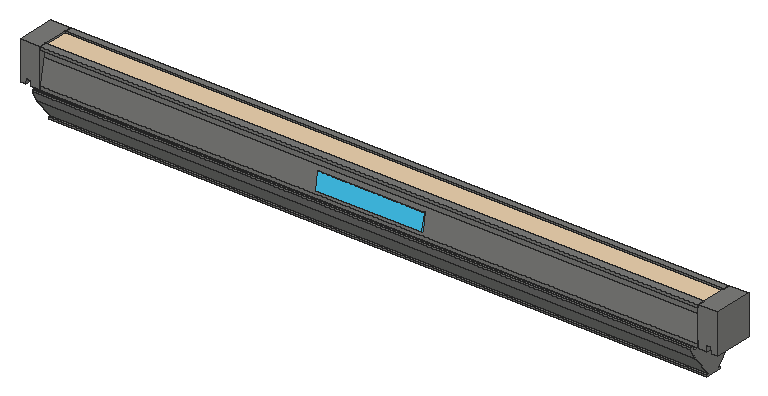
Revit family "ALPHI_PP_R", category Equipement spécialisé, Revit 2023
Family settings
  Cote de connecteur circulaire = Utiliser le diamètre
  Type d'élément = Normal
  Basée sur le plan de construction = Non
  Autoriser la découpe dans les vues = Non
  Toujours verticalement = Oui
  Couper avec des vides une fois chargée = Non
  Conserver l'orientation des annotations = Non
  Partagée = Non
  Repère de localisation dans la pièce = Non
Parameters (values of type "PP180 R")
  TYF_TAILLE TEXTE 2D [instance] = ALPHI_LIBELLE_1MM : standard
  LG_LONGUEUR ENTRAXE = ALPHI_LG_LONGUEUR + 2 * LG_DECALAGE AXE  # 190.0 cm
  LG_LARGEUR ATTACHE = 10.0 cm  # constant formula
  LG_DECALAGE AXE = 5.0 cm  # constant formula
  Elévation par défaut = 0.0 cm
  ALPHI_VIS_VISIBILITE PP 180 = yes
  ALPHI_VIS_VISIBILITE PP 150 = no
  ALPHI_VIS_VISIBILITE PP 110 = no
  ALPHI_VIS_VISIBILITE PP 090 = no
  ALPHI_TXT_NOMENCLATURE_GAMME = "Poutrelles primaires"  # constant formula
  ALPHI_TXT_NOMENCLATURE_DESIGNATION = "Poutrelle primaire 180cm"
  ALPHI_TXT_NOMENCLATURE_ABREVIATION = "PP180"
  ALPHI_TXT_DESIGNATION = "PP180"
  ALPHI_PRE_E = 69000.0 MPa  # constant formula
  ALPHI_MOM_M = 11.00 kN·m  # constant formula
  ALPHI_MAT_MATERIAU COULEUR TYPE = ALPHI_acier_laque_cyan
  ALPHI_MAS_POIDS = 14.42 kg
  ALPHI_LG_LONGUEUR = 180.0 cm
  ALPHI_LG_LARGEUR = 14.6 cm  # constant formula
  ALPHI_LG_HAUTEUR ENCOMBREMENT = 18.0 cm  # constant formula
  ALPHI_INE_I = 695.00 cm⁴  # constant formula
  ALPHI_FOR_V = 20.00 kN  # constant formula
Types (4, lengths in cm): name | LG_LONGUEUR ENTRAXE | ALPHI_VIS_VISIBILITE PP 180 | ALPHI_VIS_VISIBILITE PP 150 | ALPHI_VIS_VISIBILITE PP 110 | ALPHI_VIS_VISIBILITE PP 090 | ALPHI_TXT_NOMENCLATURE_DESIGNATION | ALPHI_TXT_NOMENCLATURE_ABREVIATION | ALPHI_TXT_DESIGNATION | ALPHI_MAT_MATERIAU COULEUR TYPE | ALPHI_MAS_POIDS | ALPHI_LG_LONGUEUR
  PP090 R | 100.0 | no | no | no | yes | "Poutrelle primaire 90cm" | "PP090" | "PP090" | ALPHI_acier_laque_magenta | 14.42 kg | 90.0
  PP110 R | 120.0 | no | no | yes | no | "Poutrelle primaire 110cm" | "PP110" | "PP110" | ALPHI_acier_laque_noir | 7.68 kg | 110.0
  PP150 R | 160.0 | no | yes | no | no | "Poutrelle primaire 150cm" | "PP150" | "PP150" | ALPHI_acier_laque_vert_fonce | 10.44 kg | 150.0
  PP180 R | 190.0 | yes | no | no | no | "Poutrelle primaire 180cm" | "PP180" | "PP180" | ALPHI_acier_laque_cyan | 14.42 kg | 180.0
Reference planes (cm)
  plane 1 "Centre (avant/arrière)": y = 0
  plane 2: z = 0
  plane 3 "Centre (gauche/droite)": x = 0
  plane 4: x = 5
  plane 5: x = 175
  plane 6: x = 180
  plane 7: x = 90
  plane 8: x = 103.75
  plane 9: x = 76.25
  plane 10: x = 185
  plane 11: x = -5
  plane 12: y = -7.3
  plane 13: y = 7.3
  plane 14: z = -10
  plane 15: y = 5
  plane 16: y = -5
  plane 17: z = -18
Forms (cm)
  Extrusion 1, solid, material "ALPHI_acier", detail levels coarse
    sketch origin (0, 0, 0) x (0, 1, 0) y (0, 0, 1)
      loop
        line (-2, -18) -> (2, -18) -> (2, -17.5) -> (1.5, -17.5) -> (6.0075, -12.1801) -> (7.3, -9.4083) -> (7.3, -9) -> (6.791, -9) -> (6.3799, -10) -> (4.983, -10) -> (4.983, -9) -> (3.8, -3) -> (3.8, -0.8) -> (5, -0.8) -> (5, 0) -> (-5, 0) -> (-5, -0.8) -> (-3.8, -0.8) -> (-3.8, -3) -> (-4.983, -9) -> (-4.983, -10) -> (-6.3799, -10) -> (-6.791, -9) -> (-7.3, -9) -> (-7.3, -9.4083) -> (-6.0075, -12.1801) -> (-1.5, -17.5) -> (-2, -17.5) -> (-2, -18)
    from 5 to 175
  Extrusion 2, solid, material "ALPHI_acier_laque_cyan" <- "ALPHI_MAT_MATERIAU COULEUR TYPE"
    sketch origin (0, 0, 0) x (0, 1, 0) y (0, 0, 1)
      loop
        line (4.1175, -4.0775) -> (4.0194, -4.0971) -> (4.8627, -8.3136) -> (4.9608, -8.294) -> (4.1175, -4.0775)
    from 76.25 to 103.75
  Extrusion 3, solid, material "ALPHI_acier_laque_cyan" <- "ALPHI_MAT_MATERIAU COULEUR TYPE"
    sketch origin (0, 0, 0) x (0, -1, 0) y (0, 0, -1)
      loop
        line (4.1175, 4.0775) -> (4.9608, 8.294) -> (4.8627, 8.3136) -> (4.0194, 4.0971) -> (4.1175, 4.0775)
    from 76.25 to 103.75
  Extrusion 4, solid, material "ALPHI_fourrures_bois", detail levels medium+fine
    sketch origin (0, 0, 0) x (0, 1, 0) y (0, 0, 1)
      loop
        line (3.2, -0.3) -> (-3.2, -0.3) -> (-3.2, -2.2) -> (3.2, -2.2) -> (3.2, -0.3)
    from 5 to 175
  Extrusion 5, solid, material "ALPHI_acier", detail levels medium+fine
    sketch origin (0, 0, 0) x (0, 1, 0) y (0, 0, 1)
      loop
        line (-2, -18) -> (2, -18) -> (2, -17.5) -> (1.5, -17.5) -> (6.0075, -12.1801) -> (7.3, -9.4083) -> (7.3, -9) -> (6.791, -9) -> (6.3799, -10) -> (4.983, -10) -> (4.983, -9) -> (3.8, -3) -> (3.8, -0.8) -> (5, -0.8) -> (5, 0) -> (3.2, 0) -> (3.2, -2.2) -> (-3.2, -2.2) -> (-3.2, 0) -> (-5, 0) -> (-5, -0.8) -> (-3.8, -0.8) -> (-3.8, -3) -> (-4.983, -9) -> (-4.983, -10) -> (-6.3799, -10) -> (-6.791, -9) -> (-7.3, -9) -> (-7.3, -9.4083) -> (-6.0075, -12.1801) -> (-1.5, -17.5) -> (-2, -17.5) -> (-2, -18)
    from 5 to 175
Dimensions and locks (cm)
  equal spacing: plane 3 "Centre (gauche/droite)", plane 7, plane 6
  locked: plane 5 to plane 6 at 5
  locked: plane 3 "Centre (gauche/droite)" to plane 4 at 5
  "ALPHI_LG_LONGUEUR": plane 3 "Centre (gauche/droite)" to plane 6
  plane 9 to plane 7 to plane 8 = 13.75 cm locked, 13.75 cm locked
  "LG_DECALAGE AXE": plane 11 to plane 3 "Centre (gauche/droite)"
  "LG_DECALAGE AXE": plane 6 to plane 10
  equal spacing: plane 12, plane 1 "Centre (avant/arrière)", plane 13, locked at 7.3 each
  "ALPHI_LG_LARGEUR": plane 12 to plane 13
  equal spacing: plane 15, plane 1 "Centre (avant/arrière)", plane 16
  "LG_LARGEUR ATTACHE": plane 15 to plane 16
  "ALPHI_LG_HAUTEUR ENCOMBREMENT": level to plane 17
  aligned and locked: level to plane 2
  aligned and locked: plane 5 to Extrusion 1
  aligned and locked: Extrusion 1 to plane 4
  aligned and locked: plane 4 to nested 1
  aligned and locked: plane 3 "Centre (gauche/droite)" to nested 1
  aligned and locked: nested 2 to plane 5
  aligned and locked: nested 2 to plane 6
  aligned and locked: plane 8 to Extrusion 2
  aligned and locked: plane 8 to Extrusion 3
  aligned and locked: Extrusion 2 to plane 9
  aligned and locked: Extrusion 3 to plane 9
  aligned and locked: Extrusion 1 to plane 13
  aligned and locked: plane 12 to Extrusion 1
  aligned and locked: plane 3 "Centre (gauche/droite)" to nested 5
  aligned and locked: plane 3 "Centre (gauche/droite)" to nested 4
  aligned and locked: plane 3 "Centre (gauche/droite)" to nested 3
  aligned and locked: plane 1 "Centre (avant/arrière)" to nested 3
  aligned and locked: nested 4 to nested 3
  aligned and locked: plane 1 "Centre (avant/arrière)" to nested 5
  aligned and locked: plane 1 "Centre (avant/arrière)" to nested 6
  aligned and locked: plane 7 to nested 6
  aligned and locked: plane 17 to Extrusion 1
  aligned and locked: plane 1 "Centre (avant/arrière)" to nested 7
  aligned and locked: plane 3 "Centre (gauche/droite)" to nested 7
  aligned and locked: plane 5 to Extrusion 4
  aligned and locked: Extrusion 4 to plane 4
  aligned and locked: Extrusion 5 to plane 4
  aligned and locked: plane 5 to Extrusion 5
Automatic sketch dimensions
  Extrusion 1 sketch curve to level = 0.0 cm
  plane 1 "Centre (avant/arrière)" to Extrusion 1 sketch curve = 7.3 cm
  Extrusion 1 sketch curve to Extrusion 1 sketch curve = 0.509 cm  (x2)
  Extrusion 1 sketch curve to Extrusion 1 sketch curve = 0.4111 cm  (x2)
  Extrusion 1 sketch curve to Extrusion 1 sketch curve = 0.3724 cm
  Extrusion 1 sketch curve to Extrusion 1 sketch curve = 1.3969 cm  (x2)
  Extrusion 1 sketch curve to level = 0.8 cm  (x2)
  plane 1 "Centre (avant/arrière)" to Extrusion 1 sketch curve = 5.0 cm
  Extrusion 1 sketch curve to Extrusion 1 sketch curve = 1.2 cm  (x2)
  plane 1 "Centre (avant/arrière)" to Extrusion 1 sketch curve = 2.0 cm
  Extrusion 1 sketch curve to Extrusion 1 sketch curve = 0.5 cm  (x3)
  Extrusion 1 sketch curve to plane 1 "Centre (avant/arrière)" = 1.5 cm
  Extrusion 1 sketch curve to plane 1 "Centre (avant/arrière)" = 3.8 cm
  Extrusion 1 sketch curve to plane 1 "Centre (avant/arrière)" = 4.983 cm
  Extrusion 1 sketch curve to Extrusion 1 sketch curve = 1.0245 cm
  Extrusion 1 sketch curve to level = 3.0 cm
  Extrusion 1 sketch curve to Extrusion 1 sketch curve = 2.2 cm
  Extrusion 1 sketch curve to Extrusion 1 sketch curve = 6.0 cm  (x2)
  Extrusion 1 sketch curve to Extrusion 1 sketch curve = 0.0 cm  (x3)
  Extrusion 1 sketch curve to Extrusion 1 sketch curve = 0.4083 cm  (x2)
  Extrusion 1 sketch curve to Extrusion 1 sketch curve = 1.0 cm  (x2)
  Extrusion 1 sketch curve to Extrusion 1 sketch curve = 2.1801 cm  (x2)
  Extrusion 1 sketch curve to Extrusion 1 sketch curve = 5.3199 cm
  Extrusion 2 sketch curve to plane 1 "Centre (avant/arrière)" = 4.0194 cm
  Extrusion 2 sketch curve to Extrusion 2 sketch curve = 0.0981 cm
  Extrusion 2 sketch curve to Extrusion 2 sketch curve = 0.8433 cm
  Extrusion 2 sketch curve to level = 8.3136 cm
  Extrusion 2 sketch curve to Extrusion 2 sketch curve = 0.0196 cm
  Extrusion 3 sketch curve to plane 1 "Centre (avant/arrière)" = 4.0194 cm
  Extrusion 3 sketch curve to Extrusion 3 sketch curve = 0.0981 cm
  Extrusion 3 sketch curve to Extrusion 3 sketch curve = 0.8433 cm
  level to Extrusion 3 sketch curve = 8.3136 cm
  Extrusion 3 sketch curve to Extrusion 3 sketch curve = 0.0196 cm
  Extrusion 4 sketch curve to level = 0.3 cm
  Extrusion 4 sketch curve to plane 16 = 1.8 cm
  Extrusion 4 sketch curve to Extrusion 4 sketch curve = 1.9 cm
  Extrusion 4 sketch curve to plane 15 = 1.8 cm
  Extrusion 5 sketch curve to plane 12 = 0.0 cm
  plane 14 to Extrusion 5 sketch curve = 0.0 cm  (x2)
  Extrusion 5 sketch curve to plane 16 = 0.0 cm
  plane 17 to Extrusion 5 sketch curve = 0.0 cm
  Extrusion 5 sketch curve to plane 15 = 0.0 cm
  Extrusion 5 sketch curve to plane 13 = 0.0 cm
  Extrusion 5 sketch curve to plane 12 = 0.509 cm
  Extrusion 5 sketch curve to plane 12 = 0.9201 cm
  plane 16 to Extrusion 5 sketch curve = 1.0075 cm
  Extrusion 5 sketch curve to plane 16 = 0.017 cm
  Extrusion 5 sketch curve to plane 16 = 1.2 cm
  Extrusion 5 sketch curve to plane 17 = 0.5 cm  (x2)
  plane 1 "Centre (avant/arrière)" to Extrusion 5 sketch curve = 2.0 cm
  Extrusion 5 sketch curve to Extrusion 5 sketch curve = 0.5 cm  (x2)
  Extrusion 5 sketch curve to plane 1 "Centre (avant/arrière)" = 1.5 cm
  Extrusion 5 sketch curve to plane 15 = 1.2 cm
  Extrusion 5 sketch curve to plane 15 = 0.017 cm
  plane 15 to Extrusion 5 sketch curve = 1.0075 cm
  plane 13 to Extrusion 5 sketch curve = 0.9201 cm
  plane 13 to Extrusion 5 sketch curve = 0.509 cm
  plane 14 to Extrusion 5 sketch curve = 2.1801 cm  (x2)
  Extrusion 5 sketch curve to plane 14 = 0.5917 cm  (x2)
  Extrusion 5 sketch curve to Extrusion 5 sketch curve = 0.4083 cm  (x2)
  Extrusion 5 sketch curve to Extrusion 5 sketch curve = 1.0 cm  (x2)
  Extrusion 5 sketch curve to level = 3.0 cm  (x2)
  Extrusion 5 sketch curve to level = 0.8 cm  (x2)
  Extrusion 5 sketch curve to Extrusion 5 sketch curve = 0.6 cm  (x2)
  Extrusion 5 sketch curve to Extrusion 5 sketch curve = 0.8 cm
  Extrusion 5 sketch curve to level = 0.0 cm  (x2)
Nested families (cm)
  nested 1: "PP_SUPPORT_DE_RIVE" at (0, 0, 0), type "PP_SUPPORT_DE_RIVE"
    with ALPHI_LG_LONGUEUR 110.0 cm
  nested 2: "PP_SUPPORT_DE_RIVE" at (180, 0, 0) x (-1, 0, 0) z (0, 0, 1), type "PP_SUPPORT_DE_RIVE"
    with ALPHI_LG_LONGUEUR 110.0 cm
  nested 3: "PP_DETAIL" at (0, 0, 0), visible <- "ALPHI_VIS_VISIBILITE PP 090", type "PP 090"
  nested 4: "PP_DETAIL" at (0, 0, 0), visible <- "ALPHI_VIS_VISIBILITE PP 110", type "PP 110"
  nested 5: "PP_DETAIL" at (0, 0, 0), visible <- "ALPHI_VIS_VISIBILITE PP 150", type "PP 150"
  nested 6: "ALPHI_LIBELLE_1MM" at (90, 0, 0), type <- "TYF_TAILLE TEXTE 2D", type "standard"
  nested 7: "PP_DETAIL" at (0, 0, 0), visible <- "ALPHI_VIS_VISIBILITE PP 180", type "PP 180"
Definition of nested family "PP_SUPPORT_DE_RIVE"
  Parameters (values of type "PP_SUPPORT_DE_RIVE")
    Default Elevation = 0.0 cm
    ALPHI_TXT_DESIGNATION = ""
    ALPHI_PRE_E = 0.0 MPa
    ALPHI_MOM_M = 0.00 kN·m
    ALPHI_MAT_MATERIAU COULEUR TYPE = none
    ALPHI_MAS_POIDS = 0.00 kg
    ALPHI_LG_LONGUEUR [instance] = 110.0 cm
    ALPHI_INE_I = 0.00 cm⁴
    ALPHI_FOR_V = 0.00 kN
  Reference planes (cm)
    plane 1 "Centre (avant/arrière)": y = 0
    plane 2: z = 0
    plane 3 "Centre (gauche/droite)": x = 0
    plane 4: x = 5
    plane 5: y = 5
    plane 6: y = -5
  Forms (cm)
    Extrusion 1, solid, detail levels medium+fine
      sketch origin (0, 0, 0) x (1, 0, 0) y (0, 0, 1)
        loop
          line (2.6, -10) -> (5, -10) -> (5, 0) -> (0, 0) -> (0, -10) -> (1.3, -10) -> (1.7422, -8.6991) -> (2.6, -8.6991) -> (2.6, -10)
      from -5 to 5
    Extrusion 2, solid, detail levels coarse
      sketch origin (0, 0, 0) x (1, 0, 0) y (0, 0, 1)
        loop
          line (1.3, -10) -> (1.7422, -8.6991) -> (5, -8.6991) -> (5, 0) -> (0, 0) -> (0, -10) -> (1.3, -10)
      from -5 to 5
  Dimensions and locks (cm)
    aligned and locked: level to plane 2
Definition of nested family "PP_DETAIL"
  Parameters (values of type "PP 150")
    ALPHI_VIS_VISIBILITE PP 180 = no
    ALPHI_VIS_VISIBILITE PP 150 = yes
    ALPHI_VIS_VISIBILITE PP 110 = no
    ALPHI_VIS_VISIBILITE PP 090 = no
    ALPHI_TXT_LIBELLE = "PP 150"
    ALPHI_LG_LONGUEUR = 150.0 cm
    ALPHI_LG_LARGEUR = 10.0 cm  # constant formula
  Types (4, lengths in cm): name | ALPHI_VIS_VISIBILITE PP 180 | ALPHI_VIS_VISIBILITE PP 150 | ALPHI_VIS_VISIBILITE PP 110 | ALPHI_VIS_VISIBILITE PP 090 | ALPHI_TXT_LIBELLE | ALPHI_LG_LONGUEUR
    PP 180 | yes | no | no | no | "PP 180" | 180.0
    PP 150 | no | yes | no | no | "PP 150" | 150.0
    PP 110 | no | no | yes | no | "PP 110" | 110.0
    PP 090 | no | no | no | yes | "PP 090" | 90.0
  Reference planes (cm)
    plane 1 "Centre (avant/arrière)": y = 0
    plane 2: z = 0
    plane 3 "Centre (gauche/droite)": x = 0
    plane 4: x = 150
    plane 5: x = 75
    plane 6: y = -5
    plane 7: y = 5
  Lines and regions (cm)
    detail lines, in view "Niveau de réf.", visible <- "ALPHI_VIS_VISIBILITE PP 090"
      curve 1: line (0, -4.5888, 0) -> (9.5888, 5, 0)
      curve 2: line (13.0592, -5, 0) -> (23.0592, 5, 0)
      curve 3: line (26.5296, -5, 0) -> (31.5296, 0, 0)
      curve 4: line (118.4704, 0, 0) -> (123.4704, 5, 0)
      curve 5: line (126.9408, -5, 0) -> (136.9408, 5, 0)
      curve 6: line (140.4112, -5, 0) -> (150, 4.5888, 0)
      curve 7: line (0, -5, 0) -> (150, -5, 0)
      curve 8: line (150, -5, 0) -> (150, 5, 0)
      curve 9: line (150, 5, 0) -> (0, 5, 0)
      curve 10: line (0, 5, 0) -> (0, -5, 0)
    detail lines, in view "Niveau de réf.", visible <- "ALPHI_VIS_VISIBILITE PP 110"
      curve 11: line (0, -5, 0) -> (150, -5, 0)
      curve 12: line (150, -5, 0) -> (150, 5, 0)
      curve 13: line (150, 5, 0) -> (0, 5, 0)
      curve 14: line (0, 5, 0) -> (0, -5, 0)
      curve 41: line (0, -1.1185, 0) -> (6.1185, 5, 0)
      curve 42: line (9.5888, -5, 0) -> (19.5888, 5, 0)
      curve 43: line (23.0592, -5, 0) -> (33.0592, 5, 0)
      curve 44: line (36.5296, -5, 0) -> (41.5296, 0, 0)
      curve 45: line (108.4704, 0, 0) -> (113.4704, 5, 0)
      curve 46: line (116.9408, -5, 0) -> (126.9408, 5, 0)
      curve 47: line (130.4112, -5, 0) -> (140.4112, 5, 0)
      curve 48: line (143.8815, -5, 0) -> (150, 1.1185, 0)
    detail lines, in view "Niveau de réf.", visible <- "ALPHI_VIS_VISIBILITE PP 150"
      curve 15: line (0, -5, 0) -> (150, -5, 0)
      curve 16: line (150, -5, 0) -> (150, 5, 0)
      curve 17: line (150, 5, 0) -> (0, 5, 0)
      curve 18: line (0, 5, 0) -> (0, -5, 0)
      curve 23: line (0, -3.158, 0) -> (8.158, 5, 0)
      curve 24: line (16.1185, -5, 0) -> (26.1185, 5, 0)
      curve 25: line (34.079, -5, 0) -> (44.079, 5, 0)
      curve 26: line (52.0395, -5, 0) -> (62.0395, 5, 0)
      curve 27: line (87.9605, -5, 0) -> (97.9605, 5, 0)
      curve 28: line (105.921, -5, 0) -> (115.921, 5, 0)
      curve 29: line (123.8815, -5, 0) -> (133.8815, 5, 0)
      curve 30: line (141.842, -5, 0) -> (150, 3.158, 0)
    detail lines, in view "Niveau de réf.", visible <- "ALPHI_VIS_VISIBILITE PP 180"
      curve 19: line (0, -5, 0) -> (150, -5, 0)
      curve 20: line (150, -5, 0) -> (150, 5, 0)
      curve 21: line (150, 5, 0) -> (0, 5, 0)
      curve 22: line (0, 5, 0) -> (0, -5, 0)
      curve 31: line (0, 2.1026, 0) -> (2.8974, 5, 0)
      curve 32: line (10.858, -5, 0) -> (20.858, 5, 0)
      curve 33: line (28.8185, -5, 0) -> (38.8185, 5, 0)
      curve 34: line (46.779, -5, 0) -> (56.779, 5, 0)
      curve 35: line (64.7395, -5, 0) -> (74.7395, 5, 0)
      curve 36: line (70.6605, -5, 0) -> (80.6605, 5, 0)
      curve 37: line (88.621, -5, 0) -> (98.621, 5, 0)
      curve 38: line (106.5815, -5, 0) -> (116.5815, 5, 0)
      curve 39: line (124.542, -5, 0) -> (134.542, 5, 0)
      curve 40: line (142.5026, -5, 0) -> (150, 2.4974, 0)
    detail lines, in view "Niveau de réf.", visible <- "ALPHI_VIS_VISIBILITE PP 110", not visible
      curve 49: line (0, 105, 0) -> (0, 95, 0)
      curve 50: line (0, 98.8815, 0) -> (6.1185, 105, 0)
      curve 51: line (9.5888, 95, 0) -> (19.5888, 105, 0)
      curve 52: line (23.0592, 95, 0) -> (33.0592, 105, 0)
      curve 53: line (36.5296, 95, 0) -> (41.5296, 100, 0)
      curve 69: line (110, 95, 0) -> (110, 105, 0)
      curve 70: line (68.4704, 100, 0) -> (73.4704, 105, 0)
      curve 71: line (76.9408, 95, 0) -> (86.9408, 105, 0)
      curve 72: line (90.4112, 95, 0) -> (100.4112, 105, 0)
      curve 73: line (103.8815, 95, 0) -> (110, 101.1185, 0)
    detail lines, in view "Niveau de réf.", visible <- "ALPHI_VIS_VISIBILITE PP 090", not visible
      curve 54: line (0, 70.4112, 0) -> (9.5888, 80, 0)
      curve 55: line (13.0592, 70, 0) -> (23.0592, 80, 0)
      curve 56: line (26.5296, 70, 0) -> (31.5296, 75, 0)
      curve 57: line (0, 80, 0) -> (0, 70, 0)
      curve 74: line (58.4704, 75, 0) -> (63.4704, 80, 0)
      curve 75: line (66.9408, 70, 0) -> (76.9408, 80, 0)
      curve 76: line (80.4112, 70, 0) -> (90, 79.5888, 0)
      curve 77: line (90, 70, 0) -> (90, 80, 0)
    detail lines, in view "Niveau de réf.", visible <- "ALPHI_VIS_VISIBILITE PP 150", not visible
      curve 58: line (0, 55, 0) -> (0, 45, 0)
      curve 59: line (0, 46.842, 0) -> (8.158, 55, 0)
      curve 60: line (16.1185, 45, 0) -> (26.1185, 55, 0)
      curve 61: line (34.079, 45, 0) -> (44.079, 55, 0)
      curve 62: line (52.0395, 45, 0) -> (62.0395, 55, 0)
      curve 78: line (150, 45, 0) -> (150, 55, 0)
      curve 79: line (87.9605, 45, 0) -> (97.9605, 55, 0)
      curve 80: line (105.921, 45, 0) -> (115.921, 55, 0)
      curve 81: line (123.8815, 45, 0) -> (133.8815, 55, 0)
      curve 82: line (141.842, 45, 0) -> (150, 53.158, 0)
    detail lines, in view "Niveau de réf.", visible <- "ALPHI_VIS_VISIBILITE PP 180", not visible
      curve 63: line (0, 30, 0) -> (0, 20, 0)
      curve 64: line (0, 27.1026, 0) -> (2.8974, 30, 0)
      curve 65: line (10.858, 20, 0) -> (20.858, 30, 0)
      curve 66: line (28.8185, 20, 0) -> (38.8185, 30, 0)
      curve 67: line (46.779, 20, 0) -> (56.779, 30, 0)
      curve 68: line (64.7395, 20, 0) -> (74.7395, 30, 0)
      curve 83: line (180, 20, 0) -> (180, 30, 0)
      curve 84: line (100.6605, 20, 0) -> (110.6605, 30, 0)
      curve 85: line (118.621, 20, 0) -> (128.621, 30, 0)
      curve 86: line (136.5815, 20, 0) -> (146.5815, 30, 0)
      curve 87: line (154.542, 20, 0) -> (164.542, 30, 0)
      curve 88: line (172.5026, 20, 0) -> (180, 27.4974, 0)
  Dimensions and locks (cm)
    "ALPHI_LG_LONGUEUR": plane 3 "Centre (gauche/droite)" to plane 4
    equal spacing: plane 3 "Centre (gauche/droite)", plane 5, plane 4
    "ALPHI_LG_LARGEUR": plane 6 to plane 7
    equal spacing: plane 6, plane 1 "Centre (avant/arrière)", plane 7
    aligned and locked: curve 10 to plane 3 "Centre (gauche/droite)"
    aligned and locked: curve 14 to plane 3 "Centre (gauche/droite)"
    aligned and locked: curve 18 to plane 3 "Centre (gauche/droite)"
    aligned and locked: curve 22 to plane 3 "Centre (gauche/droite)"
    aligned and locked: plane 4 to curve 12
    aligned and locked: plane 4 to curve 13
    aligned and locked: plane 4 to curve 11
    aligned and locked: plane 4 to curve 8
    aligned and locked: plane 4 to curve 9
    aligned and locked: plane 4 to curve 7
    aligned and locked: plane 4 to curve 16
    aligned and locked: plane 4 to curve 17
    aligned and locked: plane 4 to curve 15
    aligned and locked: plane 4 to curve 20
  Automatic sketch dimensions
    curve 13 to plane 3 "Centre (gauche/droite)" = 0.0 cm
    curve 11 to plane 3 "Centre (gauche/droite)" = 0.0 cm
    curve 7 to plane 3 "Centre (gauche/droite)" = 0.0 cm
    curve 9 to plane 3 "Centre (gauche/droite)" = 0.0 cm
    curve 17 to plane 3 "Centre (gauche/droite)" = 0.0 cm
    curve 15 to plane 3 "Centre (gauche/droite)" = 0.0 cm
    curve 21 to plane 3 "Centre (gauche/droite)" = 0.0 cm
    curve 19 to plane 3 "Centre (gauche/droite)" = 0.0 cm
    curve 19 to curve 21 = 10.0 cm
    curve 11 to curve 13 = 10.0 cm
    curve 7 to curve 9 = 10.0 cm
    curve 11 to curve 9 = 10.0 cm
    curve 15 to curve 21 = 10.0 cm
    curve 15 to curve 17 = 10.0 cm
    curve 7 to curve 17 = 10.0 cm
    curve 21 to plane 4 = 0.0 cm
    curve 19 to plane 4 = 0.0 cm
    plane 7 to curve 19 = 10.0 cm
Definition of nested family "ALPHI_LIBELLE_1MM"
  Parameters (values of type "standard")
    Texte vert foncé = no
    Texte vert clair = no
    Texte rose = no
    Texte orange = no
    Texte noir = no
    Texte magenta = no
    Texte cyan = yes
    Texte bleu = no
    Texte = "PP180"
  Reference planes (cm)
    plane 1: y = 0
    plane 2: x = 0
  Text (cm)
    label "Texte" at (-0.0172, -0.0053, 0), shows "Texte", visible <- "Texte noir"
    label "Texte" at (-0.0172, -0.0053, 0), shows "Texte", visible <- "Texte vert clair"
    label "Texte" at (-0.0172, -0.0053, 0), shows "Texte", visible <- "Texte vert foncé"
    label "Texte" at (-0.0172, -0.0053, 0), shows "Texte", visible <- "Texte rose"
    label "Texte" at (-0.0172, -0.0053, 0), shows "Texte", visible <- "Texte magenta"
    label "Texte" at (-0.0172, -0.0053, 0), shows "Texte", visible <- "Texte cyan"
    label "Texte" at (-0.0172, -0.0053, 0), shows "Texte", visible <- "Texte bleu"
    label "Texte" at (-0.0172, -0.0053, 0), shows "Texte", visible <- "Texte orange"
